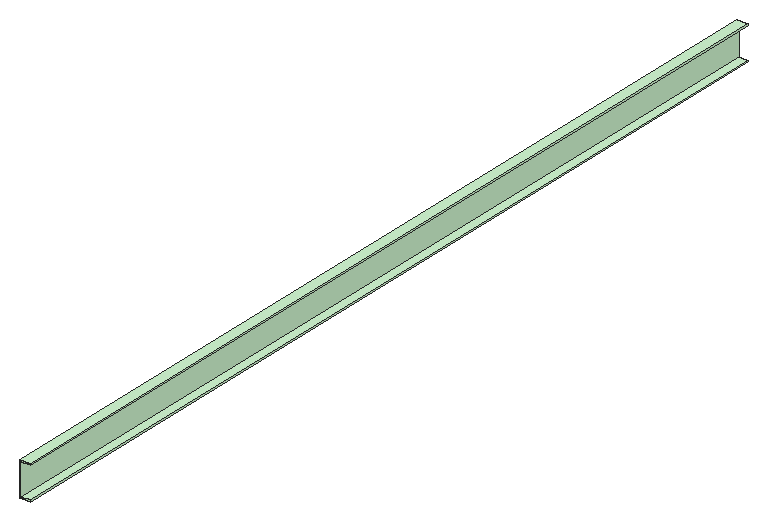
Revit family "nobuchiuke_cc25", category 機械設備, Revit 2022
Family settings
  丸型コネクタ寸法 = 直径を使用
  種別 = なし
  パーツ タイプ = 標準
  作業面ベース = いいえ
  常に垂直 = はい
  ロード時にボイドで切り取り = いいえ
  注釈の向きを維持 = いいえ
  共有 = いいえ
  部屋計算ポイント = いいえ
Parameters
  製造元 = "株式会社桐井製作所"
  既定の高さ = 0 mm
  URL = "https://www.kirii.co.jp/"
  K_長さ(mm) [instance] = 1000 mm
  K_材質 = "SGHC　一般用"
  K_断面積A(mm2) = 91.1
  K_断面係数Zy(mm3) = 118.5
  K_断面係数Zx(mm3) = 910
  K_断面2次半径iy(mm) = 3.4
  K_断面2次半径ix(mm) = 13.8
  K_断面2次モーメントIy(mm4) = 1066
  K_断面2次モーメントIx(mm4) = 17290
  K_外形寸法(mm) = "38×12×1.6"
  K_品名 = "CC-25"
  K_名称 = "野縁受け"
  K_単位質量(kg/m) = 0.725
  K_ヤング係数E(N/mm2) = 205000
  K_バージョン情報 = "20210524"
  K_めっき付着量 = "Z12"
  K_JIS規格 = "JIS G 3302"
  K_JIS外 = not(K_JIS)  # no
  K_JIS = yes
Reference planes
  plane 1 "中心(正面/背面)": y = 0
  plane 2: z = 0
  plane 3 "中心(左/右)": x = 0
  plane 4: y = 1000
  plane 5: x = 12
  plane 6: z = 38
Forms (mm)
  Extrusion 1, solid
    sketch origin (12, 0, 0) x (1, 0, 0) y (0, 0, 1)
      loop
        line (0, 38) -> (-12, 38) -> (-12, 0) -> (0, 0) -> (0, 1.6) -> (-10.4, 1.6) -> (-10.4, 36.4) -> (0, 36.4) -> (0, 38)
    from 0 to -1000
Dimensions and locks
  "K_長さ(mm)": plane 1 "中心(正面/背面)" to plane 4
  aligned and locked: level to plane 2
  aligned and locked: Extrusion 1 to plane 4
Automatic sketch dimensions
  Extrusion 1 sketch curve to plane 3 "中心(左/右)" = 0 mm
  plane 5 to Extrusion 1 sketch curve = 0 mm  (x2)
  Extrusion 1 sketch curve to plane 6 = 0 mm
  Extrusion 1 sketch curve to level = 0 mm
  level to Extrusion 1 sketch curve = 1.6 mm
  plane 3 "中心(左/右)" to Extrusion 1 sketch curve = 1.6 mm
  Extrusion 1 sketch curve to Extrusion 1 sketch curve = 1.6 mm
